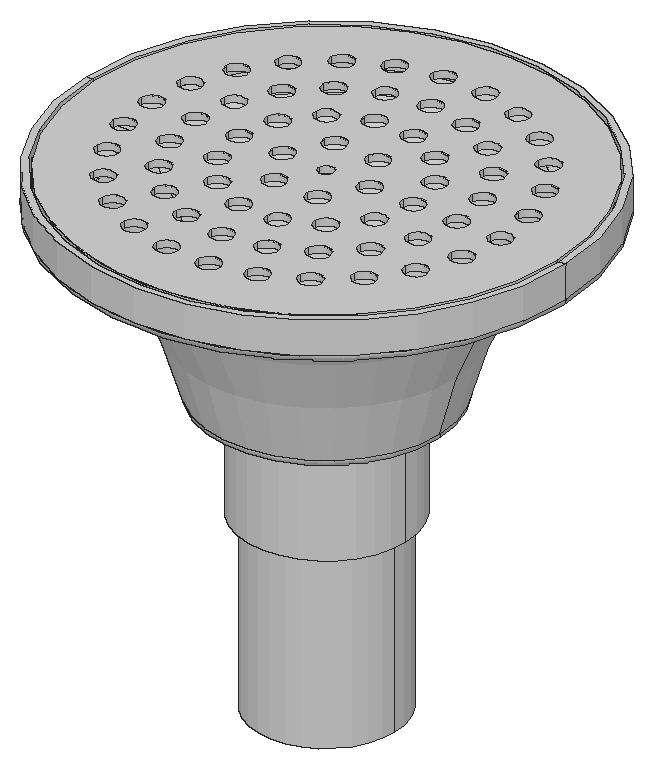
Revit family "Drain_Floor_Conical_8-Inch_Diameter-Zurn-Z1802-8B", category Plumbing Fixtures, Revit 2022
Family settings
  Round Connector Dimension = Use Diameter
  Part Type = Normal
  OmniClass Number = 23.70.50.21.24
  OmniClass Title = Waste Water Drains
  Work Plane-Based = No
  Always vertical = Yes
  Cut with Voids When Loaded = No
  Maintain Annotation Orientation = No
  Shared = No
  Room Calculation Point = No
Parameters (values of type "Load Family Type Catalog")
  Sump Depth = 3.500"
  Waste Connection = yes
  Vent Connection = no
  URL = "www.zurn.com"
  Type Comments = "Z1802-8B-2A (Adjustable Threaded Outlet Lenght 4-3/4 Min - 6.0 Max)"
  Top Diameter = 8.250"  # constant formula
  Top Depth for Grate = 0.563"
  Pipe Size_A Outer Diameter = 2.375"
  Pipe Size_A (Nominal) Diameter = 2.000"
  Perforated Grate = yes
  Overall Height [instance] = 8.250"
  H3_Permeter_Grate = no
  E_Outlet Range [instance] = if([E_Outlet Length (See Tooltip for Min Max Allowable per Outlet Size and Type)] < 3.000", 3.000", if([E_Outlet Length (See Tooltip for Min Max Allowable per Outlet Size and Type)] > 6.000", 6.000", [E_Outlet Length (See Tooltip for Min Max Allowable per Outlet Size and Type)]))  # 4.750"
  E_Outlet Length (See Tooltip for Min Max Allowable per Outlet Size and Type) [instance] = 4.750"
  Coupling = yes
  Product data url = "https://bimobject.com/zurnindustries/product/Z1802-8B"
  Product Page URL = "https://www.zurn.com/products/drainage-interceptors/stainless-drains/stainless-floor-drains/fabricated-stainless-floor-drains/z1802-8b"
  Product Documentation Link = "https://files.zurn.com/spec-sheets/z1802-8b.pdf"
  Modified Date = ""
  Model = "Z1802-8B"  # constant formula
  Manufacurer Brand = "Zurn"  # constant formula
  Manufacturer = "Zurn Water, LLC"  # constant formula
  Main Material = Steel - Zurn - Stainless Type 304 (CF8)
  HW Connection = no
  Description = "8 Inch Diameter Conical Sanitary Floor Drain"
  Default Elevation = 0.000"
  Date Created = "November 19, 2025"  # constant formula
  CW Connection = no
  Assembly Code = "D2030300"
Reference planes (in)
  plane 1 "Center (Front/Back)": y = 0
  plane 2 "Top Surface": z = -1.781
  plane 3 "Center (Left/Right)": x = 0
  plane 4: x = -1
  plane 5: x = 1
  plane 6: y = 1
  plane 7: y = -1
  plane 8: x = -4.125
  plane 9: x = 4.125
  plane 10: z = -2.344
  plane 11: x = 0.90625
  plane 12: x = 4.01575
  plane 13: z = -5.172
  plane 14: z = -2.453
  plane 15 "Sump": z = -5.281
  plane 16: z = -1.89
  plane 17: x = 3.96875
  plane 18: x = 3.85975
  plane 19: z = -10.031
  plane 20: x = -1.1875
  plane 21: x = 1.1875
  plane 22: y = 1.1875
  plane 23: y = -1.1875
  plane 24: x = 1.375
  plane 25: z = -7.031
  plane 26: y = 0
  plane 27: z = -5.344
  plane 28: z = -3.344
Forms (in)
  Revolve 1, solid, material "Steel - Zurn - Stainless Type 304 (CF8)" <- "Main Material", detail levels fine
    sketch origin (0, 0, 0) x (1, 0, 0) y (0, 0, 1)
      loop
        line (4.12475, -2.328) -> (4.12475, -1.781) -> (4.01575, -1.781) -> (4.01575, -2.344) -> (3.17037, -2.344)
        arc (3.17037, -2.344) -> (2.35211, -3.68497) -> (1.84567, -5.172) r 7.16641
        line (1.84567, -5.172) -> (1, -5.172) -> (1, -5.281) -> (1.8331, -5.281)
        arc (1.8331, -5.281) -> (1.92154, -5.24434) -> (1.9581, -5.15585) r 0.125
        arc (1.9581, -5.15585) -> (2.44495, -3.73699) -> (3.22057, -2.453) r 7.06027
        line (3.22057, -2.453) -> (3.99975, -2.453)
        arc (3.99975, -2.453) -> (4.08814, -2.41639) -> (4.12475, -2.328) r 0.125
      axis (0, -1.781) -> (0, -5.281)
    angle from 0 to 360
  Extrusion 2, solid, material "Steel - Zurn - Stainless Type 304 (CF8)" <- "Main Material", visible <- "Perforated Grate", detail levels fine
    sketch origin (0, 0, 1.156) x (1, 0, 0) y (0, 1, 0)
      loop
        circle (0, 0) r 0.125
      loop
        circle (-1.32252, 1.82029) r 0.1875
      loop
        circle (-0.69529, 2.13988) r 0.1875
      loop
        circle (0, 2.25) r 0.1875
      loop
        circle (0.69529, 2.13988) r 0.1875
      loop
        circle (1.32252, 1.82029) r 0.1875
      loop
        circle (1.82029, 1.32252) r 0.1875
      loop
        circle (2.13988, 0.69529) r 0.1875
      loop
        circle (3, 0) r 0.1875
      loop
        circle (2.91283, -0.71795) r 0.1875
      loop
        circle (2.65637, -1.39417) r 0.1875
      loop
        circle (2.24553, -1.98937) r 0.1875
      loop
        circle (1.70419, -2.46895) r 0.1875
      loop
        circle (1.06381, -2.80505) r 0.1875
      loop
        circle (0.36161, -2.97813) r 0.1875
      loop
        circle (-0.36161, -2.97813) r 0.1875
      loop
        circle (-1.06381, -2.80505) r 0.1875
      loop
        circle (2.65637, 1.39417) r 0.1875
      loop
        circle (2.24553, 1.98937) r 0.1875
      loop
        circle (1.70419, 2.46895) r 0.1875
      loop
        circle (1.06381, 2.80505) r 0.1875
      loop
        circle (0.36161, 2.97813) r 0.1875
      loop
        circle (-0.36161, 2.97813) r 0.1875
      loop
        circle (-1.06381, 2.80505) r 0.1875
      loop
        circle (-1.70419, 2.46895) r 0.1875
      loop
        circle (-2.24553, 1.98937) r 0.1875
      loop
        circle (-2.65637, 1.39417) r 0.1875
      loop
        circle (-2.91283, 0.71795) r 0.1875
      loop
        circle (-3, 0) r 0.1875
      loop
        circle (-2.91283, -0.71795) r 0.1875
      loop
        circle (-2.65637, -1.39417) r 0.1875
      loop
        circle (-2.24553, -1.98937) r 0.1875
      loop
        circle (-1.70419, -2.46895) r 0.1875
      loop
        circle (-0.33378, 1.46239) r 0.1875
      loop
        circle (-0.93523, 1.17275) r 0.1875
      loop
        circle (-1.35145, 0.65083) r 0.1875
      loop
        circle (-1.5, 0) r 0.1875
      loop
        circle (-1.35145, -0.65083) r 0.1875
      loop
        circle (-0.93523, -1.17275) r 0.1875
      loop
        circle (-0.33378, -1.46239) r 0.1875
      loop
        circle (0.33378, -1.46239) r 0.1875
      loop
        circle (0.375, -0.64952) r 0.1875
      loop
        circle (-0.375, -0.64952) r 0.1875
      loop
        circle (-0.75, 0) r 0.1875
      loop
        circle (-0.375, 0.64952) r 0.1875
      loop
        circle (0.375, 0.64952) r 0.1875
      loop
        circle (1.5, 0) r 0.1875
      loop
        circle (1.35145, -0.65083) r 0.1875
      loop
        circle (0.93523, -1.17275) r 0.1875
      loop
        circle (-1.82029, 1.32252) r 0.1875
      loop
        circle (-2.13988, 0.69529) r 0.1875
      loop
        circle (-2.25, 0) r 0.1875
      loop
        circle (-2.13988, -0.69529) r 0.1875
      loop
        circle (-1.82029, -1.32252) r 0.1875
      loop
        circle (-1.32252, -1.82029) r 0.1875
      loop
        circle (-0.69529, -2.13988) r 0.1875
      loop
        circle (0, -2.25) r 0.1875
      loop
        circle (0.69529, -2.13988) r 0.1875
      loop
        circle (1.32252, -1.82029) r 0.1875
      loop
        circle (1.82029, -1.32252) r 0.1875
      loop
        circle (2.13988, -0.69529) r 0.1875
      loop
        circle (2.25, 0) r 0.1875
      loop
        circle (1.35145, 0.65083) r 0.1875
      loop
        circle (0.93523, 1.17275) r 0.1875
      loop
        circle (0.33378, 1.46239) r 0.1875
      loop
        circle (2.91283, 0.71795) r 0.1875
      loop
        circle (0.75, 0) r 0.1875
      loop
        circle (0, 0) r 3.96875
    from -3.046 to -2.937
  Revolve 3, solid, material "Steel - Zurn - Stainless Type 304 (CF8)" <- "Main Material", visible <- "Perforated Grate", detail levels fine
    sketch origin (0, 0, 0) x (1, 0, 0) y (0, 0, 1)
      loop
        line (3.96875, -1.89) -> (3.85975, -1.89) -> (3.85975, -2.344) -> (3.96875, -2.344) -> (3.96875, -1.89)
      axis (0, -1.89) -> (0, -2.344)
    angle from 0 to 360
  Revolve 4, solid, material "Steel - Zurn - Stainless Type 304 (CF8)" <- "Main Material", detail levels fine
    sketch origin (0, 0, 0) x (1, 0, 0) y (0, 0, 1)
      loop
        line (1, -10.031) -> (1.1875, -10.031) -> (1.1875, -5.281) -> (1, -5.281) -> (1, -10.031)
      axis (0, -5.281) -> (0, -10.031)
    angle from 0 to 360
  Revolve 5, solid, material "Steel - Zurn - Stainless Type 304 (CF8)" <- "Main Material", visible <- "Coupling", detail levels fine
    sketch origin (0, 0, 0) x (1, 0, 0) y (0, 0, 1)
      loop
        line (1, -7.031) -> (1.375, -7.031) -> (1.375, -5.281) -> (1, -5.281) -> (1, -7.031)
      axis (0, -5.281) -> (0, -7.031)
    angle from 0 to 360
  Extrusion 6, solid, material "Steel - Zurn - Stainless Type 304 (CF8)" <- "Main Material", visible <- "H3_Permeter_Grate", detail levels fine
    sketch origin (-8.5, -11.76815, -5.281) x (0, -1, 0) y (1, 0, 0)
      loop
        circle (-11.76815, 8.5) r 0.5
      loop
        arc (-14.66521, 10.4077) -> (-14.97286, 9.82743) -> (-15.16563, 9.19958) r 3.46875
        arc (-15.16563, 9.19958) -> (-15.25254, 9.05622) -> (-15.41049, 9) r 0.25
        line (-15.41049, 9) -> (-15.70528, 9)
        arc (-15.70528, 9) -> (-15.7369, 8.5) -> (-15.70528, 8) r 3.96875
        line (-15.70528, 8) -> (-15.41049, 8)
        arc (-15.41049, 8) -> (-15.25254, 7.94378) -> (-15.16563, 7.80042) r 0.25
        arc (-15.16563, 7.80042) -> (-14.97286, 7.17257) -> (-14.66521, 6.5923) r 3.46875
        arc (-14.66521, 6.5923) -> (-14.62529, 6.42947) -> (-14.69723, 6.27803) r 0.25
        line (-14.69723, 6.27803) -> (-14.90568, 6.06958)
        arc (-14.90568, 6.06958) -> (-14.57448, 5.69367) -> (-14.19857, 5.36248) r 3.96875
        line (-14.19857, 5.36248) -> (-13.99012, 5.57093)
        arc (-13.99012, 5.57093) -> (-13.83868, 5.64286) -> (-13.67585, 5.60295) r 0.25
        arc (-13.67585, 5.60295) -> (-13.09559, 5.29529) -> (-12.46773, 5.10253) r 3.46875
        arc (-12.46773, 5.10253) -> (-12.32437, 5.01561) -> (-12.26815, 4.85767) r 0.25
        line (-12.26815, 4.85767) -> (-12.26815, 4.56287)
        arc (-12.26815, 4.56287) -> (-11.76815, 4.53125) -> (-11.26815, 4.56287) r 3.96875
        line (-11.26815, 4.56287) -> (-11.26815, 4.85767)
        arc (-11.26815, 4.85767) -> (-11.21194, 5.01561) -> (-11.06857, 5.10253) r 0.25
        arc (-11.06857, 5.10253) -> (-10.44072, 5.29529) -> (-9.86046, 5.60295) r 3.46875
        arc (-9.86046, 5.60295) -> (-9.69762, 5.64286) -> (-9.54619, 5.57093) r 0.25
        line (-9.54619, 5.57093) -> (-9.33774, 5.36248)
        arc (-9.33774, 5.36248) -> (-8.96182, 5.69367) -> (-8.63063, 6.06958) r 3.96875
        line (-8.63063, 6.06958) -> (-8.83908, 6.27803)
        arc (-8.83908, 6.27803) -> (-8.91102, 6.42947) -> (-8.8711, 6.5923) r 0.25
        arc (-8.8711, 6.5923) -> (-8.56345, 7.17257) -> (-8.37068, 7.80042) r 3.46875
        arc (-8.37068, 7.80042) -> (-8.28377, 7.94378) -> (-8.12582, 8) r 0.25
        line (-8.12582, 8) -> (-7.83103, 8)
        arc (-7.83103, 8) -> (-7.7994, 8.5) -> (-7.83103, 9) r 3.96875
        line (-7.83103, 9) -> (-8.12582, 9)
        arc (-8.12582, 9) -> (-8.28377, 9.05622) -> (-8.37068, 9.19958) r 0.25
        arc (-8.37068, 9.19958) -> (-8.56345, 9.82743) -> (-8.8711, 10.4077) r 3.46875
        arc (-8.8711, 10.4077) -> (-8.91102, 10.57053) -> (-8.83908, 10.72197) r 0.25
        line (-8.83908, 10.72197) -> (-8.63063, 10.93042)
        arc (-8.63063, 10.93042) -> (-8.96182, 11.30633) -> (-9.33774, 11.63752) r 3.96875
        line (-9.33774, 11.63752) -> (-9.54619, 11.42907)
        arc (-9.54619, 11.42907) -> (-9.69762, 11.35714) -> (-9.86046, 11.39705) r 0.25
        arc (-9.86046, 11.39705) -> (-10.44072, 11.70471) -> (-11.06857, 11.89747) r 3.46875
        arc (-11.06857, 11.89747) -> (-11.21194, 11.98439) -> (-11.26815, 12.14233) r 0.25
        line (-11.26815, 12.14233) -> (-11.26815, 12.43713)
        arc (-11.26815, 12.43713) -> (-11.76815, 12.46875) -> (-12.26815, 12.43713) r 3.96875
        line (-12.26815, 12.43713) -> (-12.26815, 12.14233)
        arc (-12.26815, 12.14233) -> (-12.32437, 11.98439) -> (-12.46773, 11.89747) r 0.25
        arc (-12.46773, 11.89747) -> (-13.09559, 11.70471) -> (-13.67585, 11.39705) r 3.46875
        arc (-13.67585, 11.39705) -> (-13.83868, 11.35714) -> (-13.99012, 11.42907) r 0.25
        line (-13.99012, 11.42907) -> (-14.19857, 11.63752)
        arc (-14.19857, 11.63752) -> (-14.57448, 11.30633) -> (-14.90568, 10.93042) r 3.96875
        line (-14.90568, 10.93042) -> (-14.69723, 10.72197)
        arc (-14.69723, 10.72197) -> (-14.62529, 10.57053) -> (-14.66521, 10.4077) r 0.25
    from 2.937 to 3.5
  Revolve 7, solid, material "Steel - Zurn - Stainless Type 304 (CF8)" <- "Main Material", detail levels fine
    sketch origin (0, 0, 0) x (1, 0, 0) y (0, 0, 1)
      loop
        line (1, -5.281) -> (1, -10.031) -> (1.1875, -10.031) -> (1.1875, -5.281) -> (1, -5.281)
      axis (0, -5.281) -> (0, -10.031)
    angle from 0 to 360
Cuts and joins
  joined: Extrusion 2, Revolve 3
Lines and regions (in)
  model lines, detail levels coarse+medium
    curve 1: circle (0, 0, -1.781) r 4.12475 normal (0, 0, -1)
    curve 4: line (-1.1875, 0, -10.031) -> (1.1875, 0, -10.031)
    curve 5: line (0, -1.1875, -10.031) -> (0, 1.1875, -10.031)
    curve 6: line (0, 0, -1.781) -> (0, 0, -10.031)
  model lines, not visible
    curve 2: line (-1, 0, -10.031) -> (1, 0, -10.031)
    curve 3: line (0, -1, -10.031) -> (0, 1, -10.031)
  symbolic lines, visible <- "H3_Permeter_Grate", detail levels coarse+medium
    curve 7: circle (0, 0, -5.281) r 0.5 normal (0, 0, -1)
Dimensions and locks (in)
  equal spacing: plane 8, plane 3 "Center (Left/Right)", plane 9
  "Top Diameter": plane 8 to plane 9
  "Top Depth for Grate": plane 2 "Top Surface" to plane 10
  locked: plane 5 to plane 11 at 0.09375
  locked: plane 9 to plane 12 at 0.10925
  locked: plane 10 to plane 14 at 0.109
  locked: plane 13 to plane 15 "Sump" at 0.109
  locked: plane 2 "Top Surface" to plane 16 at 0.109
  plane 9 to plane 17 to plane 18 = 0.15625" locked, 0.109" locked
  "E_Outlet Range": plane 15 "Sump" to plane 19
  equal spacing: plane 6, plane 1 "Center (Front/Back)", plane 7
  "Pipe Size_A (Nominal) Diameter": plane 6 to plane 7
  equal spacing: plane 22, plane 1 "Center (Front/Back)", plane 23
  "Pipe Size_A Outer Diameter": plane 22 to plane 23
  equal spacing: plane 20, plane 3 "Center (Left/Right)", plane 21
  "Pipe Size_A Outer Diameter": plane 20 to plane 21
  equal spacing: plane 4, plane 3 "Center (Left/Right)", plane 5
  "Pipe Size_A (Nominal) Diameter": plane 4 to plane 5
  locked: plane 24 to plane 21 at 0.1875
  "Sump Depth": plane 2 "Top Surface" to plane 15 "Sump"
  "Overall Height": plane 2 "Top Surface" to plane 19
  plane 28 to plane 15 "Sump" = 1.937"
  locked: plane 15 "Sump" to plane 25 at 1.75
  aligned and locked: plane 2 "Top Surface" to Revolve 1 sketch curve
  aligned and locked: Revolve 1 sketch curve to plane 3 "Center (Left/Right)"
  aligned and locked: plane 12 to Revolve 1 sketch curve
  aligned and locked: plane 13 to Revolve 1 sketch curve
  aligned and locked: Revolve 1 sketch curve to plane 5
  aligned and locked: Revolve 1 sketch curve to plane 15 "Sump"
  aligned and locked: Revolve 1 sketch curve to plane 14
  aligned and locked: plane 10 to Revolve 1 sketch curve
  aligned and locked: plane 2 "Top Surface" to Extrusion 2
  aligned and locked: Extrusion 2 to plane 16
  aligned and locked: plane 16 to Revolve 3 sketch curve
  aligned and locked: Revolve 3 sketch curve to plane 18
  aligned and locked: Revolve 3 sketch curve to plane 10
  aligned and locked: plane 17 to Revolve 3 sketch curve
  aligned and locked: Revolve 3 sketch curve to plane 3 "Center (Left/Right)"
  aligned and locked: Revolve 4 to plane 19
  aligned and locked: Revolve 4 to plane 15 "Sump"
  aligned and locked: plane 3 "Center (Left/Right)" to curve 1
  aligned and locked: plane 1 "Center (Front/Back)" to curve 1
  aligned and locked: Revolve 4 sketch curve to plane 5
  aligned and locked: plane 21 to Revolve 4 sketch curve
  aligned and locked: plane 4 to curve 2
  aligned and locked: plane 5 to curve 2
  aligned and locked: plane 7 to curve 3
  aligned and locked: plane 6 to curve 3
  aligned and locked: plane 19 to curve 3
  aligned and locked: Revolve 5 sketch curve to plane 5
  aligned and locked: Revolve 5 sketch curve to plane 25
  aligned and locked: Revolve 5 sketch curve to plane 24
  aligned and locked: Revolve 5 sketch curve to plane 15 "Sump"
  aligned and locked: Revolve 5 sketch curve to plane 3 "Center (Left/Right)"
  aligned and locked: plane 10 to Extrusion 6
  aligned and locked: plane 2 "Top Surface" to Extrusion 6
  aligned and locked: plane 1 "Center (Front/Back)" to Extrusion 6 sketch curve
  aligned and locked: plane 3 "Center (Left/Right)" to Extrusion 6 sketch curve
  aligned and locked: Revolve 7 sketch curve to Revolve 1  (x2)
  aligned and locked: Revolve 7 sketch curve to plane 19
  aligned and locked: Revolve 7 sketch curve to plane 21
  aligned and locked: plane 20 to curve 4
  aligned and locked: plane 21 to curve 4
  aligned and locked: plane 19 to curve 4
  aligned and locked: plane 23 to curve 5
  aligned and locked: plane 22 to curve 5
  aligned and locked: plane 19 to curve 5
  aligned and locked: plane 2 "Top Surface" to curve 6
  aligned and locked: plane 19 to curve 6
  aligned and locked: curve 6 to plane 3 "Center (Left/Right)"
  aligned and locked: plane 3 "Center (Left/Right)" to curve 7
  aligned and locked: plane 1 "Center (Front/Back)" to curve 7
Automatic sketch dimensions
  Revolve 1 sketch curve to Revolve 1 sketch curve = 0.01257"
  Revolve 1 sketch curve to Revolve 1 sketch curve = 0.0502"
  Revolve 1 sketch curve to plane 12 = 0.016"
  Revolve 1 sketch curve to plane 9 = 0.00025"
  plane 13 to Revolve 1 sketch curve = 0.016"
  level to Revolve 1 sketch curve = 0.44875"
  Revolve 1 sketch curve to Revolve 1 sketch curve = 0.000"  (x4)
  plane 5 to Revolve 1 sketch curve = 0.8331"
  Revolve 1 sketch curve to Revolve 1 sketch curve = 0.82938"
  plane 16 to Revolve 3 sketch curve = 0.12529"
  level to Revolve 3 sketch curve = 0.391"
  plane 15 "Sump" to Revolve 1 sketch curve = 1.44389"
  Revolve 1 sketch curve to plane 13 = 0.00425"
  plane 15 "Sump" to Revolve 4 sketch curve = 0.000"
  Revolve 4 sketch curve to plane 15 "Sump" = 0.000"
  plane 15 "Sump" to Revolve 4 sketch curve = 4.750"
  Revolve 4 sketch curve to Revolve 4 sketch curve = 1.21789"
  Revolve 5 sketch curve to plane 15 "Sump" = 0.500"
  Revolve 4 sketch curve to plane 3 "Center (Left/Right)" = 0.000"
  plane 19 to Revolve 5 sketch curve = 3.500"
  Extrusion 6 sketch curve to Extrusion 6 sketch curve = 0.000"  (x43)
  Extrusion 6 sketch curve to plane 9 = 4.625"
  Extrusion 6 sketch curve to Extrusion 6 sketch curve = 0.29479"  (x7)
  Extrusion 6 sketch curve to plane 9 = 6.55542"  (x2)
  Extrusion 6 sketch curve to Extrusion 6 sketch curve = 0.50481"  (x2)
  Extrusion 6 sketch curve to Extrusion 6 sketch curve = 0.03167"  (x2)
  Extrusion 6 sketch curve to plane 9 = 6.34697"  (x2)
  Extrusion 6 sketch curve to Extrusion 6 sketch curve = 0.17678"  (x16)
  Extrusion 6 sketch curve to plane 9 = 0.98748"
  Extrusion 6 sketch curve to Extrusion 6 sketch curve = 0.70711"  (x4)
  Extrusion 6 sketch curve to plane 9 = 7.05407"  (x2)
  Extrusion 6 sketch curve to Extrusion 6 sketch curve = 0.20845"  (x8)
  Extrusion 6 sketch curve to Extrusion 6 sketch curve = 1.29519"  (x4)
  Extrusion 6 sketch curve to Extrusion 6 sketch curve = 0.250"  (x8)
  Extrusion 6 sketch curve to Extrusion 6 sketch curve = 2.22197"
  Extrusion 6 sketch curve to plane 9 = 8.06213"
  Extrusion 6 sketch curve to Extrusion 6 sketch curve = 1.000"  (x2)
  Extrusion 6 sketch curve to plane 9 = 7.26252"
  Extrusion 6 sketch curve to Extrusion 6 sketch curve = 0.53649"
  Extrusion 6 sketch curve to Extrusion 6 sketch curve = 1.1577"
  Extrusion 6 sketch curve to Extrusion 6 sketch curve = 0.38523"
  Extrusion 6 sketch curve to Extrusion 6 sketch curve = 1.34561"
  Extrusion 6 sketch curve to Extrusion 6 sketch curve = 0.74528"
  Revolve 7 sketch curve to plane 3 "Center (Left/Right)" = 0.000"
  Revolve 7 sketch curve to plane 27 = 0.250"
  plane 16 to Revolve 7 sketch curve = 0.141"
  radius of curve 1 = 4.12475"
  radius of Extrusion 6 sketch curve = 0.500"
  radius of curve 7 = 0.500"
Connectors (in)
  piping at (0, 0, -10.031), diameter 2, driven by "Pipe Size_A (Nominal) Diameter", driven by "Waste Connection"
    settings: on Revolve 4, index 1, connector inside diameter 24", connector length 0.000", flow factor 0, pipe flow 0 GPM, pressure drop 0.00 psi, fitting loss kfactor 0, connector angle 0.00°, fixture units 0, engagement length 0.000", angle of deflection 0.00°, flow configuration 0, flow direction 2, fitting loss method 0, system type 16, joint type 0, gender type 0, connector reference index -1, connector utility 1, adjustable connector no, is connector primary yes, connector description "Bottom Outlet"
Types in the file's own list only (48): name | Sump Depth | Type Comments | Top Diameter | Top Depth for Grate | Pipe Size_A Outer Diameter | Pipe Size_A (Nominal) Diameter | Perforated Grate | H3_Permeter_Grate | Coupling | Product Page URL | Product Documentation Link | Main Material | Description | Default Elevation | Product data url
  Z1802-8B-2NH Outlet | 3.500 " | "Z1802-8B-2NH (Sch 10 Outlet 3\" Length)" | 8.250 " | 0.563 " | 2.375 " | 2.000 " | Yes | No | No | "https://www.zurn.com/products/drainage-interceptors/stainless-drains/stainless-floor-drains/fabricated-stainless-floor-drains/z1802-8b" | "https://files.zurn.com/spec-sheets/z1802-8b.pdf" | Steel - Zurn - Stainless Type 304 (CF8) | "8 Inch Diameter Conical Sanitary Floor Drain" | 0.000 " | 
  Z1802-8B-3NH Outlet | 3.500 " | "Z1802-3NH (Sch 10 Outlet 3\" Length)" | 8.250 " | 0.563 " | 3.500 " | 3.000 " | Yes | No | No | "https://www.zurn.com/products/drainage-interceptors/stainless-drains/stainless-floor-drains/fabricated-stainless-floor-drains/z1802-8b" | "https://files.zurn.com/spec-sheets/z1802-8b.pdf" | Steel - Zurn - Stainless Type 304 (CF8) | "8 Inch Diameter Conical Sanitary Floor Drain" | 0.000 " | 
  Z1802-8B-4NH Outlet | 3.500 " | "Z1802-4NH (Sch 10 Outlet 3\" Length)" | 8.250 " | 0.563 " | 4.500 " | 4.000 " | Yes | No | No |  |  | Steel - Zurn - Stainless Type 304 (CF8) | "8 Inch Diameter Conical Sanitary Floor Drain" | 0.000 " | 
  ZM1802-8B-2NH Outlet | 3.500 " | "ZM1802-2NH (Sch 10 Outlet 3\" Length)" | 8.250 " | 0.563 " | 2.375 " | 2.000 " | Yes | No | No |  |  | Steel - Zurn - Stainless Type 316 (CF8M) | "8 Inch Diameter Conical Sanitary Floor Drain" | 0.000 " | 
  ZM1802-8B-3NH Outlet | 3.500 " | "ZM1802-8B-3NH (Sch 10 Outlet 3\" Length)" | 8.250 " | 0.563 " | 3.500 " | 3.000 " | Yes | No | No |  |  | Steel - Zurn - Stainless Type 316 (CF8M) | "8 Inch Diameter Conical Sanitary Floor Drain" | 0.000 " | 
  ZM1802-8B-4NH Outlet | 3.500 " | "ZM1802-8B-4NH (Sch 10 Outlet 3\" Length)" | 8.250 " | 0.563 " | 4.500 " | 4.000 " | Yes | No | No |  |  | Steel - Zurn - Stainless Type 316 (CF8M) | "8 Inch Diameter Conical Sanitary Floor Drain" | 0.000 " | 
  Z1802-8B-2A Outlet | 3.500 " | "Z1802-8B-2A (Adjustable Threaded Outlet Lenght 4-3/4 Min - 6.0 Max)" | 8.250 " | 0.563 " | 2.375 " | 2.000 " | Yes | No | Yes | "https://www.zurn.com/products/drainage-interceptors/stainless-drains/stainless-floor-drains/fabricated-stainless-floor-drains/z1802-8b" | "https://files.zurn.com/spec-sheets/z1802-8b.pdf" | Steel - Zurn - Stainless Type 304 (CF8) | "8 Inch Diameter Conical Sanitary Floor Drain" | 0.000 " | "https://bimobject.com/zurnindustries/product/Z1802-8B"
  Z1802-8B-3A Outlet | 3.500 " | "Z1802-8B-3A (Adjustable Threaded Outlet Lenght 3-1/2 Min - 5-3/4 Max)" | 8.250 " | 0.563 " | 3.500 " | 3.000 " | Yes | No | Yes | "https://www.zurn.com/products/drainage-interceptors/stainless-drains/stainless-floor-drains/fabricated-stainless-floor-drains/z1802-8b" | "https://files.zurn.com/spec-sheets/z1802-8b.pdf" | Steel - Zurn - Stainless Type 304 (CF8) | "8 Inch Diameter Conical Sanitary Floor Drain" | 0.000 " | 
  Z1802-8B-4A Outlet | 3.500 " | "Z1802-8B-4A (Adjustable Threaded Outlet Length 3-1/2 Min - 5-3/4 Max)" | 8.250 " | 0.563 " | 4.500 " | 4.000 " | Yes | No | Yes | "https://www.zurn.com/products/drainage-interceptors/stainless-drains/stainless-floor-drains/fabricated-stainless-floor-drains/z1802-8b" |  | Steel - Zurn - Stainless Type 304 (CF8) | "8 Inch Diameter Conical Sanitary Floor Drain" | 0.000 " | 
  ZM1802-8B-2A Outlet | 3.500 " | "ZM1802-8B-2A (Adjustable Threaded Outlet Lenght 4-3/4 Min - 6.0 Max)" | 8.250 " | 0.563 " | 2.375 " | 2.000 " | Yes | No | Yes |  |  | Steel - Zurn - Stainless Type 316 (CF8M) | "8 Inch Diameter Conical Sanitary Floor Drain" | 0.000 " | 
  ZM1802-8B-3A Outlet | 3.500 " | "Z1802-8B-3A (Adjustable Threaded Outlet Lenght 3-1/2 Min - 5-3/4 Max)" | 8.250 " | 0.563 " | 3.500 " | 3.000 " | Yes | No | Yes |  |  | Steel - Zurn - Stainless Type 316 (CF8M) | "8 Inch Diameter Conical Sanitary Floor Drain" | 0.000 " | 
  ZM1802-8B-4A Outlet | 3.500 " | "Z1802-8B-4A (Adjustable Threaded Outlet Lenght 3-1/2 Min - 5-3/4 Max)" | 8.250 " | 0.563 " | 4.500 " | 4.000 " | Yes | No | Yes |  |  | Steel - Zurn - Stainless Type 316 (CF8M) | "8 Inch Diameter Conical Sanitary Floor Drain" | 0.000 " | 
  Z1802-8B-H3-2NH Outlet | 3.750 " | "Z1802-8B-H3-2NH (Sch 10 Outlet 3\" Length)" | 8.250 " | 0.813 " | 2.375 " | 2.000 " | No | Yes | No |  |  | Steel - Zurn - Stainless Type 304 (CF8) | "8 Inch Diameter Conical Sanitary Floor Drain w/ Extra-Heavy-Duty Perimeter Gap Grate" | 0.000 " | 
  Z1802-8B-H3-2A Outlet | 3.750 " | "Z1802-8B-H3-2A (Adjustable Threaded Outlet Length 4-3/4 Min - 6.0 Max)" | 8.250 " | 0.813 " | 2.375 " | 2.000 " | No | Yes | Yes |  |  | Steel - Zurn - Stainless Type 304 (CF8) | "8 Inch Diameter Conical Sanitary Floor Drain w/ Extra-Heavy-Duty Perimeter Gap Grate" | 0.000 " | 
  Z1802-8B-H3-3A Outlet | 3.750 " | "Z1802-8B-H3-3A (Adjustable Threaded Outlet Lenght 3-1/2 Min - 5-3/4 Max)" | 8.250 " | 0.813 " | 3.500 " | 3.000 " | No | Yes | Yes |  |  | Steel - Zurn - Stainless Type 304 (CF8) | "8 Inch Diameter Conical Sanitary Floor Drain w/ Extra-Heavy-Duty Perimeter Gap Grate" | 0.000 " | 
  Z1802-8B-H3-3NH Outlet | 3.750 " | "Z1802-8B-H3-3NH (Sch 10 Outlet 3\" Length)" | 8.250 " | 0.813 " | 3.500 " | 3.000 " | No | Yes | No |  |  | Steel - Zurn - Stainless Type 304 (CF8) | "8 Inch Diameter Conical Sanitary Floor Drain w/ Extra-Heavy-Duty Perimeter Gap Grate" | 0.000 " | 
  Z1802-8B-H3-4A Outlet | 3.750 " | "Z1802-8B-H3-4A (Adjustable Threaded Outlet Lenght 3-1/2 Min - 5-3/4 Max)" | 8.250 " | 0.813 " | 4.500 " | 4.000 " | No | Yes | Yes |  |  | Steel - Zurn - Stainless Type 304 (CF8) | "8 Inch Diameter Conical Sanitary Floor Drain w/ Extra-Heavy-Duty Perimeter Gap Grate" | 0.000 " | 
  Z1802-8B-H3-4NH Outlet | 3.750 " | "Z1802-8B-H3-4NH (Sch 10 Outlet 3\" Length)" | 8.250 " | 0.813 " | 4.500 " | 4.000 " | No | Yes | No |  |  | Steel - Zurn - Stainless Type 304 (CF8) | "8 Inch Diameter Conical Sanitary Floor Drain w/ Extra-Heavy-Duty Perimeter Gap Grate" | 0.000 " | 
  ZM1802-8B-H3-2A Outlet | 3.750 " | "ZM1802-H3-8B-2A (Adjustable Threaded Outlet Lenght 4-3/4 Min - 6.0 Max)" | 8.250 " | 0.813 " | 2.375 " | 2.000 " | No | Yes | Yes | "https://www.zurn.com/products/drainage-interceptors/stainless-drains/stainless-floor-drains/fabricated-stainless-floor-drains/z1802-8b" | "https://files.zurn.com/spec-sheets/z1802-8b.pdf" | Steel - Zurn - Stainless Type 316 (CF8M) | "8 Inch Diameter Conical Sanitary Floor Drain w/ Extra-Heavy-Duty Perimeter Gap Grate" | 0.000 " | 
  ZM1802-8B-H3-2NH Outlet | 3.750 " | "ZM1802-8B-H3-2NH (Sch 10 Outlet 3\" Length)" | 8.250 " | 0.813 " | 2.375 " | 2.000 " | No | Yes | No |  |  | Steel - Zurn - Stainless Type 316 (CF8M) | "8 Inch Diameter Conical Sanitary Floor Drain w/ Extra-Heavy-Duty Perimeter Gap Grate" | 0.000 " | 
  ZM1802-8B-H3-3A Outlet | 3.750 " | "ZM1802-8B-H3-3A (Adjustable Threaded Outlet Lenght 3-1/2 Min - 5-3/4 Max)" | 8.250 " | 0.813 " | 3.500 " | 3.000 " | No | Yes | Yes |  |  | Steel - Zurn - Stainless Type 316 (CF8M) | "8 Inch Diameter Conical Sanitary Floor Drain w/ Extra-Heavy-Duty Perimeter Gap Grate" | 0.000 " | 
  ZM1802-8B-H3-4A Outlet | 3.750 " | "ZM1802-8B-H3-4A (Adjustable Threaded Outlet Lenght 3-1/2 Min - 5-3/4 Max)" | 8.250 " | 0.813 " | 4.500 " | 4.000 " | No | Yes | Yes |  |  | Steel - Zurn - Stainless Type 316 (CF8M) | "8 Inch Diameter Conical Sanitary Floor Drain w/ Extra-Heavy-Duty Perimeter Gap Grate" | 0.000 " | 
  ZM1802-8B-H3-3NH Outlet | 3.750 " | "ZM1802-8B-H3-3NH (Sch 10 Outlet 3\" Length)" | 8.250 " | 0.813 " | 3.500 " | 3.000 " | No | Yes | No |  |  | Steel - Zurn - Stainless Type 316 (CF8M) | "8 Inch Diameter Conical Sanitary Floor Drain w/ Extra-Heavy-Duty Perimeter Gap Grate" | 0.000 " | 
  ZM1802-8B-H3-4NH Outlet | 3.750 " | "ZM1802-8B-H3-4NH (Sch 10 Outlet 3\" Length)" | 8.250 " | 0.813 " | 4.500 " | 4.000 " | No | Yes | No |  |  | Steel - Zurn - Stainless Type 316 (CF8M) | "8 Inch Diameter Conical Sanitary Floor Drain w/ Extra-Heavy-Duty Perimeter Gap Grate" | 0.000 " | 
  Z1802-8B-2BW Outlet | 3.500 " | "Z1802-8B-2BW (Sch 40 Outlet 3\" Length)" | 8.250 " | 0.563 " | 2.375 " | 2.000 " | Yes | No | No | "https://www.zurn.com/products/drainage-interceptors/stainless-drains/stainless-floor-drains/fabricated-stainless-floor-drains/z1802-8b" | "https://files.zurn.com/spec-sheets/z1802-8b.pdf" | Steel - Zurn - Stainless Type 304 (CF8) | "8 Inch Diameter Conical Sanitary Floor Drain" | 0.000 " | 
  Z1802-8B-2IP Outlet | 3.500 " | "Z1802-8B-2IP (Outlet 3\" Length)" | 8.250 " | 0.563 " | 2.375 " | 2.000 " | Yes | No | No | "https://www.zurn.com/products/drainage-interceptors/stainless-drains/stainless-floor-drains/fabricated-stainless-floor-drains/z1802-8b" | "https://files.zurn.com/spec-sheets/z1802-8b.pdf" | Steel - Zurn - Stainless Type 304 (CF8) | "8 Inch Diameter Conical Sanitary Floor Drain" | 0.000 " | 
  Z1802-8B-3BW Outlet | 3.500 " | "Z1802-3BW (Sch 40 Outlet 3\" Length)" | 8.250 " | 0.563 " | 3.500 " | 3.000 " | Yes | No | No | "https://www.zurn.com/products/drainage-interceptors/stainless-drains/stainless-floor-drains/fabricated-stainless-floor-drains/z1802-8b" | "https://files.zurn.com/spec-sheets/z1802-8b.pdf" | Steel - Zurn - Stainless Type 304 (CF8) | "8 Inch Diameter Conical Sanitary Floor Drain" | 0.000 " | 
  Z1802-8B-3IP Outlet | 3.500 " | "Z1802-3IP (Outlet 3\" Length)" | 8.250 " | 0.563 " | 3.500 " | 3.000 " | Yes | No | No | "https://www.zurn.com/products/drainage-interceptors/stainless-drains/stainless-floor-drains/fabricated-stainless-floor-drains/z1802-8b" | "https://files.zurn.com/spec-sheets/z1802-8b.pdf" | Steel - Zurn - Stainless Type 304 (CF8) | "8 Inch Diameter Conical Sanitary Floor Drain" | 0.000 " | 
  Z1802-8B-4BW Outlet | 3.500 " | "Z1802-4BW (Sch 40 Outlet 3\" Length)" | 8.250 " | 0.563 " | 4.500 " | 4.000 " | Yes | No | No |  |  | Steel - Zurn - Stainless Type 304 (CF8) | "8 Inch Diameter Conical Sanitary Floor Drain" | 0.000 " | 
  Z1802-8B-4IP Outlet | 3.500 " | "Z1802-4IP (Outlet 3\" Length)" | 8.250 " | 0.563 " | 4.500 " | 4.000 " | Yes | No | No |  |  | Steel - Zurn - Stainless Type 304 (CF8) | "8 Inch Diameter Conical Sanitary Floor Drain" | 0.000 " | 
  Z1802-8B-H3-3BW Outlet | 3.750 " | "Z1802-8B-H3-3BW (Sch 40 Outlet 3\" Length)" | 8.250 " | 0.813 " | 3.500 " | 3.000 " | No | Yes | No |  |  | Steel - Zurn - Stainless Type 304 (CF8) | "8 Inch Diameter Conical Sanitary Floor Drain w/ Extra-Heavy-Duty Perimeter Gap Grate" | 0.000 " | 
  Z1802-8B-H3-3IP Outlet | 3.750 " | "Z1802-8B-H3-3IP (Outlet 3\" Length)" | 8.250 " | 0.813 " | 3.500 " | 3.000 " | No | Yes | No |  |  | Steel - Zurn - Stainless Type 304 (CF8) | "8 Inch Diameter Conical Sanitary Floor Drain w/ Extra-Heavy-Duty Perimeter Gap Grate" | 0.000 " | 
  Z1802-8B-H3-4BW Outlet | 3.750 " | "Z1802-8B-H3-4BW (Sch 40 Outlet 3\" Length)" | 8.250 " | 0.813 " | 4.500 " | 4.000 " | No | Yes | No |  |  | Steel - Zurn - Stainless Type 304 (CF8) | "8 Inch Diameter Conical Sanitary Floor Drain w/ Extra-Heavy-Duty Perimeter Gap Grate" | 0.000 " | 
  Z1802-8B-H3-4IP Outlet | 3.750 " | "Z1802-8B-H3-4IP (Outlet 3\" Length)" | 8.250 " | 0.813 " | 4.500 " | 4.000 " | No | Yes | No |  |  | Steel - Zurn - Stainless Type 304 (CF8) | "8 Inch Diameter Conical Sanitary Floor Drain w/ Extra-Heavy-Duty Perimeter Gap Grate" | 0.000 " | 
  ZM1802-8B-2BW Outlet | 3.500 " | "ZM1802-2BW (Sch 40 Outlet 3\" Length)" | 8.250 " | 0.563 " | 2.375 " | 2.000 " | Yes | No | No |  |  | Steel - Zurn - Stainless Type 316 (CF8M) | "8 Inch Diameter Conical Sanitary Floor Drain" | 0.000 " | 
  ZM1802-8B-2IP Outlet | 3.500 " | "ZM1802-2IP (Outlet 3\" Length)" | 8.250 " | 0.563 " | 2.375 " | 2.000 " | Yes | No | No |  |  | Steel - Zurn - Stainless Type 316 (CF8M) | "8 Inch Diameter Conical Sanitary Floor Drain" | 0.000 " | 
  ZM1802-8B-3BW Outlet | 3.500 " | "ZM1802-8B-3BW (Sch 40 Outlet 3\" Length)" | 8.250 " | 0.563 " | 3.500 " | 3.000 " | Yes | No | No |  |  | Steel - Zurn - Stainless Type 316 (CF8M) | "8 Inch Diameter Conical Sanitary Floor Drain" | 0.000 " | 
  ZM1802-8B-3IP Outlet | 3.500 " | "ZM1802-8B-3IP (Outlet 3\" Length)" | 8.250 " | 0.563 " | 3.500 " | 3.000 " | Yes | No | No |  |  | Steel - Zurn - Stainless Type 316 (CF8M) | "8 Inch Diameter Conical Sanitary Floor Drain" | 0.000 " | 
  ZM1802-8B-4BW Outlet | 3.500 " | "ZM1802-8B-4BW (Sch 40 Outlet 3\" Length)" | 8.250 " | 0.563 " | 4.500 " | 4.000 " | Yes | No | No |  |  | Steel - Zurn - Stainless Type 316 (CF8M) | "8 Inch Diameter Conical Sanitary Floor Drain" | 0.000 " | 
  ZM1802-8B-4IP Outlet | 3.500 " | "ZM1802-8B-4IP (Outlet 3\" Length)" | 8.250 " | 0.563 " | 4.500 " | 4.000 " | Yes | No | No |  |  | Steel - Zurn - Stainless Type 316 (CF8M) | "8 Inch Diameter Conical Sanitary Floor Drain" | 0.000 " | 
  ZM1802-8B-H3-2BW Outlet | 3.750 " | "ZM1802-8B-H3-2BW (Sch 40 Outlet 3\" Length)" | 8.250 " | 0.813 " | 2.375 " | 2.000 " | No | Yes | No |  |  | Steel - Zurn - Stainless Type 316 (CF8M) | "8 Inch Diameter Conical Sanitary Floor Drain w/ Extra-Heavy-Duty Perimeter Gap Grate" | 0.000 " | 
  ZM1802-8B-H3-2IP Outlet | 3.750 " | "ZM1802-8B-H3-2IP (Outlet 3\" Length)" | 8.250 " | 0.813 " | 2.375 " | 2.000 " | No | Yes | No |  |  | Steel - Zurn - Stainless Type 316 (CF8M) | "8 Inch Diameter Conical Sanitary Floor Drain w/ Extra-Heavy-Duty Perimeter Gap Grate" | 0.000 " | 
  ZM1802-8B-H3-3BW Outlet | 3.750 " | "ZM1802-8B-H3-3BW (Sch 40 Outlet 3\" Length)" | 8.250 " | 0.813 " | 3.500 " | 3.000 " | No | Yes | No |  |  | Steel - Zurn - Stainless Type 316 (CF8M) | "8 Inch Diameter Conical Sanitary Floor Drain w/ Extra-Heavy-Duty Perimeter Gap Grate" | 0.000 " | 
  ZM1802-8B-H3-3IP Outlet | 3.750 " | "ZM1802-8B-H3-3IP (Outlet 3\" Length)" | 8.250 " | 0.813 " | 3.500 " | 3.000 " | No | Yes | No |  |  | Steel - Zurn - Stainless Type 316 (CF8M) | "8 Inch Diameter Conical Sanitary Floor Drain w/ Extra-Heavy-Duty Perimeter Gap Grate" | 0.000 " | 
  ZM1802-8B-H3-4BW Outlet | 3.750 " | "ZM1802-8B-H3-4BW (Sch 40 Outlet 3\" Length)" | 8.250 " | 0.813 " | 4.500 " | 4.000 " | No | Yes | No |  |  | Steel - Zurn - Stainless Type 316 (CF8M) | "8 Inch Diameter Conical Sanitary Floor Drain w/ Extra-Heavy-Duty Perimeter Gap Grate" | 0.000 " | 
  ZM1802-8B-H3-4IP Outlet | 3.750 " | "ZM1802-8B-H3-4IP (Outlet 3\" Length)" | 8.250 " | 0.813 " | 4.500 " | 4.000 " | No | Yes | No |  |  | Steel - Zurn - Stainless Type 316 (CF8M) | "8 Inch Diameter Conical Sanitary Floor Drain w/ Extra-Heavy-Duty Perimeter Gap Grate" | 0.000 " | 
  Z1802-8B-H3-2BW Outlet | 3.750 " | "Z1802-8B-H3-2BW (Sch 40 Outlet 3\" Length)" | 8.250 " | 0.813 " | 2.375 " | 2.000 " | No | Yes | No |  |  | Steel - Zurn - Stainless Type 304 (CF8) | "8 Inch Diameter Conical Sanitary Floor Drain w/ Extra-Heavy-Duty Perimeter Gap Grate" | 0.000 " | 
  Z1802-8B-H3-2IP Outlet | 3.750 " | "Z1802-8B-H3-2IP (Outlet 3\" Length)" | 8.250 " | 0.813 " | 2.375 " | 2.000 " | No | Yes | No |  |  | Steel - Zurn - Stainless Type 304 (CF8) | "8 Inch Diameter Conical Sanitary Floor Drain w/ Extra-Heavy-Duty Perimeter Gap Grate" | 0.000 " | 
